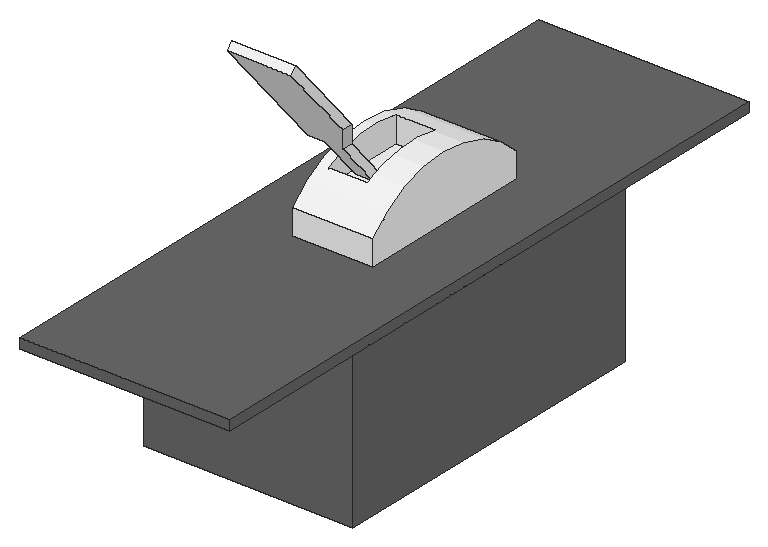
Revit family "Switch_Toggle_Leviton_Toggle-Locking", category Electrical Fixtures, Revit 2023
Family settings
  Round Connector Dimension = Use Diameter
  Part Type = Normal
  Work Plane-Based = Yes
  Always vertical = No
  Cut with Voids When Loaded = No
  Maintain Annotation Orientation = No
  Shared = No
  Room Calculation Point = No
Parameters
  offset [instance] = 0' - 0"
  Warranty Duration (Years) = 0
  Voltage_MEP = 0 V
  Unit Width = 0' - 1 79/256"
  Unit Height = 0' - 4 15/256"
  Unit Depth = 0' - 0 31/32"
  URL = "http://www.leviton.com/OA_HTML/Home.jsp?minisite=10251&respid=22372"
  Termination = "as Specified"
  Switch Height = 0' - 1"
  Standards Conformance = "as Specified"
  Specification = ""
  SpecWizard = ""
  Send Message = "http://www.arcat.com/users.pl?action=UserEmail&company=Leviton+Mfg.+Co.,+Inc.&coid=41690&rep=117&fax=631-812-6252&mf="
  Screw Mounts Location = 0' - 3 9/32"
  Sales Information = "http://www.leviton.com/OA_HTML/SectionDisplay.jsp?section=37579&minisite=10251"
  Revision = "R1_10-2012"
  Projection From Host = 0' - 1 45/128"
  Product Properties = ""
  Product Data = "http://arcat.com/arcatcos/cos41/arc41690.html?isac=1&r=1"
  Number of Poles = 1
  Model = "As Specified"
  Maximum Amperage = 0
  Manufacturer Website = "http://www.leviton.com/OA_HTML/Home.jsp?minisite=10251&respid=22372"
  Manufacturer Phone - Toll Free = "800-323-8920"
  Manufacturer Phone = ""
  Manufacturer Fax = "631-812-6252"
  Manufacturer Address = "201 N. Service Rd. Melville, NY 11747"
  Manufacturer = "Leviton Mfg. Co., Inc."
  Maintenance Schedule (Months) = 0
  MEP Apparent Power = 0 VA
  MEP Amperage = 0 A
  Grounding = "as Specified"
  Backing Color = Thermoplastic - Leviton - Black
  Keynote = "16140"
  Installation-Fabrication = ""
  Installation Phase = "Electrical Wiring"
  HP Rating = "as Specified"
  Green Building-LEED = ""
  Fixture Material = Thermoplastic - Leviton - White
  Fixture Grade = "as Specified"
  Fixture Application = "as Specified"
  Expected Lifespan (Years) = 0
  Drawn By = "Sumex Design, Inc. / Robert S. Weygant, CSI, CDT, SCIP"
  Description = "Leviton Product as Specified"
  Default Elevation = 4' - 0"
  Copyright = "©Arcat Inc."
  Construction Details = ""
  Fixture Height = 0' - 2 31/256"
  Assembly Code = "D5020100"
  Acceptable Loads = "as Specified"
Reference planes (in)
  plane 1 "Center (Front/Back)": y = 0
  plane 2 "Bottom": z = 0
  plane 3 "Center (Left/Right)": x = 0
  plane 4 "Front": y = -2.0293
  plane 5 "Back": y = 2.0293
  plane 6 "Left": x = -0.6543
  plane 7 "Right": x = 0.6543
  plane 8 "Top": z = 1.35156
  plane 9: z = -0.96875
  plane 10: z = 1.17617
  plane 11: y = 1.06055
  plane 12: y = -1.06055
  plane 13: y = 1.64062
  plane 14: y = -1.64063
Forms (in)
  Extrusion 1, solid, material "Thermoplastic - Leviton - Black" <- "Backing Color"
    sketch origin (0, 0, 0) x (1, 0, 0) y (0, 1, 0)
      loop
        line (-0.6543, 2.0293) -> (-0.6543, -2.0293) -> (0.6543, -2.0293) -> (0.6543, 2.0293) -> (-0.6543, 2.0293)
    from 0 to 0.0625
  Extrusion 2, solid, material "Thermoplastic - Leviton - Black" <- "Backing Color"
    sketch origin (0, 0, 0) x (1, 0, 0) y (0, 1, 0)
      loop
        line (-0.6543, 1.06055) -> (-0.6543, -1.06055) -> (0.6543, -1.06055) -> (0.6543, 1.06055) -> (-0.6543, 1.06055)
    from 0 to -0.96875
  Extrusion 3, solid, material "Thermoplastic - Leviton - White" <- "Fixture Material"
    sketch origin (0, 0, 0) x (0, 1, 0) y (0, 0, 1)
      loop
        line (-0.40625, 0.0625) -> (0.71875, 0.0625) -> (0.71875, 0.21911)
        arc (0.71875, 0.21911) -> (0.15625, 0.4625) -> (-0.40625, 0.21911) r 0.77169
        line (-0.40625, 0.21911) -> (-0.40625, 0.0625)
    from -0.25 to 0.25
  Extrusion 4, void
    sketch origin (0, 0, 0) x (1, 0, 0) y (0, 1, 0)
      loop
        line (-0.18771, 0.32775) -> (-0.18771, -0.20059) -> (0.05674, -0.20059) -> (0.05674, 0.32775) -> (-0.18771, 0.32775)
    from 0.27988 to 0.6789
  Extrusion 5, solid, material "Thermoplastic - Leviton - White" <- "Fixture Material"
    sketch origin (-0.0625, 0, 0) x (0, 1, 0) y (0, 0, 1)
      loop
        line (-0.03269, 0.27988) -> (0.03656, 0.27988) -> (-0.86269, 1.35156) -> (-0.90034, 1.31391) -> (-0.03269, 0.27988)
    from -0.19922 to 0.19922
  Extrusion 6, void
    sketch origin (-0.02344, 0, 0) x (1, 0, 0) y (0, 0, 1)
      loop
        line (-0.23828, 0.5625) -> (-0.23828, 0.27988) -> (-0.13068, 0.27988) -> (-0.13068, 0.5625) -> (-0.23828, 0.5625)
      loop
        line (0.16016, 0.83097) -> (-0.02093, 0.5625) -> (-0.02093, 0.27988) -> (0.16016, 0.27988) -> (0.16016, 0.83097)
    from -0.06048 to 0.73949
Cuts and joins
  Extrusion 4 cuts Extrusion 1
  Extrusion 4 cuts Extrusion 2
  Extrusion 4 cuts Extrusion 3
  Extrusion 6 cuts Extrusion 5
Dimensions and locks (in)
  equal spacing: plane 6 "Left", plane 3 "Center (Left/Right)", plane 7 "Right"
  "Unit Width": plane 6 "Left" to plane 7 "Right"
  equal spacing: plane 5 "Back", plane 1 "Center (Front/Back)", plane 4 "Front"
  "Unit Height": plane 5 "Back" to plane 4 "Front"
  "Projection From Host": plane 8 "Top" to level
  "Unit Depth": level to plane 9
  locked: plane 10 to plane 8 "Top" at 0.17539
  equal spacing: plane 11, plane 1 "Center (Front/Back)", plane 12
  "Fixture Height": plane 11 to plane 12
  equal spacing: plane 13, plane 1 "Center (Front/Back)", plane 14
  "Screw Mounts Location": plane 13 to plane 14
  aligned and locked: plane 6 "Left" to Extrusion 1 sketch curve
  aligned and locked: Extrusion 1 sketch curve to plane 5 "Back"
  aligned and locked: plane 4 "Front" to Extrusion 1 sketch curve
  aligned and locked: Extrusion 1 sketch curve to plane 7 "Right"
  aligned and locked: plane 6 "Left" to Extrusion 2 sketch curve
  aligned and locked: Extrusion 2 sketch curve to plane 11
  aligned and locked: plane 12 to Extrusion 2 sketch curve
  aligned and locked: Extrusion 2 sketch curve to plane 7 "Right"
  aligned and locked: Extrusion 2 to plane 9
  aligned and locked: level to Extrusion 2
Automatic sketch dimensions
  level to Extrusion 3 sketch curve = 0' - 0 1/16"
  plane 1 "Center (Front/Back)" to Extrusion 3 sketch curve = 0' - 0 13/32"
  Extrusion 3 sketch curve to plane 1 "Center (Front/Back)" = 0' - 0 5/32"
  Extrusion 3 sketch curve to plane 11 = 0' - 0.3418"
  Extrusion 3 sketch curve to level = 0' - 0.30919"
  Extrusion 3 sketch curve to Extrusion 3 sketch curve = 0' - 0.15661"
  Extrusion 4 sketch curve to plane 3 "Center (Left/Right)" = 0' - 0.18771"
  plane 3 "Center (Left/Right)" to Extrusion 4 sketch curve = 0' - 0.05674"
  plane 1 "Center (Front/Back)" to Extrusion 4 sketch curve = 0' - 0.20059"
  Extrusion 4 sketch curve to plane 1 "Center (Front/Back)" = 0' - 0.32775"
  Extrusion 5 sketch curve to plane 8 "Top" = 0' - 0"
  Extrusion 5 sketch curve to plane 8 "Top" = 0' - 0.03765"
  plane 12 to Extrusion 5 sketch curve = 0' - 0.1602"
  Extrusion 5 sketch curve to Extrusion 5 sketch curve = 0' - 0.03765"
  plane 1 "Center (Front/Back)" to Extrusion 5 sketch curve = 0' - 0.03269"
  Extrusion 5 sketch curve to plane 1 "Center (Front/Back)" = 0' - 0.03656"
  level to Extrusion 5 sketch curve = 0' - 0.27988"
  Extrusion 6 sketch curve to plane 3 "Center (Left/Right)" = 0' - 0 67/256"
  Extrusion 6 sketch curve to Extrusion 6 sketch curve = 0' - 0.1076"
  Extrusion 6 sketch curve to plane 3 "Center (Left/Right)" = 0' - 0.04436"
  plane 3 "Center (Left/Right)" to Extrusion 6 sketch curve = 0' - 0 35/256"
  level to Extrusion 6 sketch curve = 0' - 0.27988"
  Extrusion 6 sketch curve to Extrusion 6 sketch curve = 0' - 0"  (x2)
  Extrusion 6 sketch curve to Extrusion 6 sketch curve = 0' - 0.28262"
  Extrusion 6 sketch curve to Extrusion 6 sketch curve = 0' - 0.26847"
Connectors (in)
  electrical at (0, 0, 0)
    settings: index 1, voltage 0 V, apparent load 0 VA, apparent load phase1 0 VA, apparent load phase2 0 VA, apparent load phase3 0 VA, power factor 1, load classification "Other", number of poles 1, system type 31, power factor state 1, is connector primary yes, connector utility no, sub classification motor no, connector description ""
